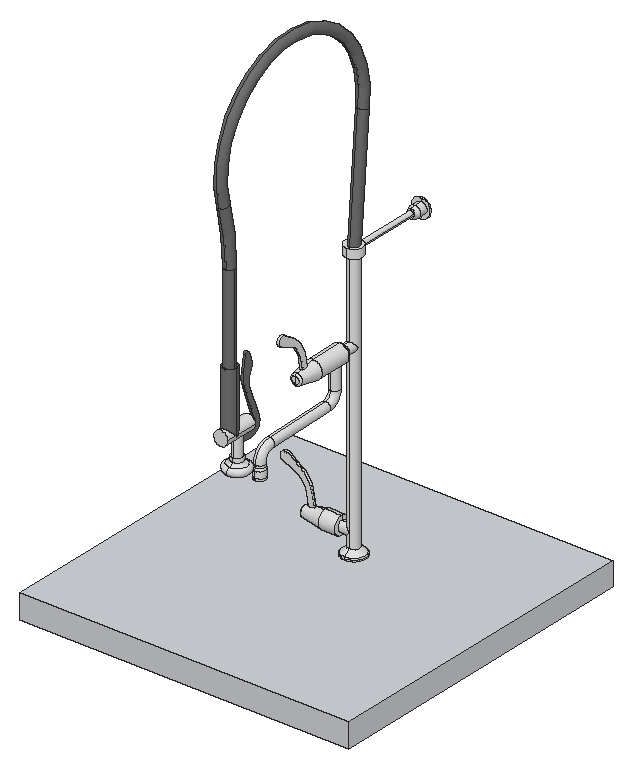
Revit family
Parameters (values of type "TF81HJP")
  WELSRating_ANZRS = ""
  URL = "www.galvinengineering.com.au"
  Type Comments = "Ezy-Wash Pre-Rinse"
  StyleOrType_ANZRS = "Plumbing Fixture"
  PlumbingMaterial_ANZRS = Metal_Taps_DR-Brass-with-Chrome-Finish_10800
  Outlet = "1000mm long high pressure hose with swivel ends"
  ModifiedIssue_ANZRS = 20120721.01  # constant formula
  Model = "TF81HJP"
  Manufacturer = "Galvin Engineering"
  Keynote = "15400"
  Instructions = "http://www.galvinengineering.com.au/Installation_Guides_1.aspx"
  Inlet = "15mm BSP Male"
  FlowRate = 0.000 L/s
  FlexibleHoseMaterial = Rubber_Taps_Black-with-Spring_10800
  FilterObject_ANZRS = "Ezy-Wash"
  DimInletRadius = 7.5 mm  # constant formula
  DimHeight = 1070 mm  # constant formula
  DimAdjustableLength [instance] = 180 mm
  Description = "Hob Mounted Pre-rinse Single Control Lever Unit Type 81H"
  Default Elevation = 900 mm
  CreatedBy_ANZRS = "Galvin Engineering"
  CreatedByURL_ANZRS = "www.galvinengineering.com.au"
  CreatedByPhoneNo_ANZRS = "61-8-92495900"
  Assembly Code = "D2010"
Reference planes
  plane 1 "Back": y = 0
  plane 2 "Face": z = 0
  plane 3 "Center (Left/Right)": x = 0
  plane 4 "Top": z = 1070
  plane 5 "CutLength": y = 180
  plane 6: y = 152.411
  plane 7 "Outlet1": z = 255
  plane 8 "Outlet2": z = 295
  plane 9 "Depth1": y = -250.131
  plane 10 "Front": y = -310.475
  plane 11: x = -155
  plane 12: z = 145.212
  plane 13: z = 44.94
Forms (mm)
  Extrusion 1, solid
    sketch origin (0, -719.2, 0) x (1, 0, 0) y (0, 1, 0)
      loop
        line (-350, 969.2) -> (-350, 269.2) -> (350, 269.2) -> (350, 969.2) -> (-350, 969.2)
    from 0 to -50
  Revolve 2, solid, material "Metal_Taps_DR-Brass-with-Chrome-Finish_10800" <- "PlumbingMaterial_ANZRS"
    sketch origin (0, 0, 0) x (0, 1, 0) y (0, 0, 1)
      loop
        line (0, 590.382) -> (-19, 590.382) -> (-19, 572.382) -> (-11.1, 572.382) -> (-11.1, 14.3) -> (-12.2, 14.3) -> (-24.082, 4.295)
        arc (-24.082, 4.295) -> (-24.87, 3.266) -> (-25.15, 2) r 3
        line (-25.15, 2) -> (-25.15, 0) -> (0, 0) -> (0, 590.382)
      axis (0, 590.382) -> (0, 0)
    angle from 0 to 360
  Revolve 3, solid, material "Metal_Taps_DR-Brass-with-Chrome-Finish_10800" <- "PlumbingMaterial_ANZRS"
    sketch origin (0, -140, 300) x (0, 0, 1) y (0, -1, 0)
      loop
        line (-21.167, 110.475) -> (-21.167, 120.475) -> (-26.583, 122.458) -> (-40.125, 122.458) -> (-45, 121.808) -> (-45, 110.475) -> (-21.167, 110.475)
      axis (-21.167, 110.475) -> (-45, 110.475)
    angle from 0 to 360
  Revolve 4, solid, material "Metal_Taps_DR-Brass-with-Chrome-Finish_10800" <- "PlumbingMaterial_ANZRS"
    sketch origin (0, 76, 65) x (0, 0, 1) y (0, -1, 0)
      loop
        line (314.95, 184.332) -> (314.95, 113.142) -> (323.337, 102.201) -> (323.337, 76) -> (334, 76) -> (334, 231.373)
        arc (334, 231.373) -> (329.884, 231.232) -> (325.796, 230.735) r 47.48
        arc (325.796, 230.735) -> (323.654, 229.631) -> (322.538, 227.495) r 3.99
        line (322.538, 227.495) -> (314.95, 184.332)
      axis (334, 231.373) -> (334, 76)
    angle from 0 to 360
  Extrusion 5, solid, material "Metal_Taps_DR-Brass-with-Chrome-Finish_10800" <- "PlumbingMaterial_ANZRS"
    sketch origin (0, 66, 65) x (0, 0, 1) y (0, -1, 0)
      loop
        arc (405.482, 238.054) -> (391.839, 220.276) -> (371.613, 210.628) r 48
        line (371.613, 210.628) -> (337.488, 203.375) -> (339.435, 192.543) -> (379.064, 200.966)
        arc (379.064, 200.966) -> (400.215, 210.054) -> (416.278, 226.543) r 59
        line (416.278, 226.543) -> (432.699, 251.829)
        arc (432.699, 251.829) -> (429.833, 265.317) -> (416.345, 262.45) r 9.75
        line (416.345, 262.45) -> (405.482, 238.054)
    from -2.5 to 2.5
  Sweep 6, solid, material "Metal_Taps_DR-Brass-with-Chrome-Finish_10800" <- "PlumbingMaterial_ANZRS"
    path origin (0, 76, 65) x (0, 0, 1) y (0, -1, 0)
      loop
        line (213.833, 326.475) -> (218.713, 326.475)
        arc (218.713, 326.475) -> (237.45, 318.81) -> (245.44, 300.209) r 26.731
        line (245.44, 300.209) -> (248.035, 151.369)
        arc (248.035, 151.369) -> (255.672, 133.591) -> (273.581, 126.264) r 25.55
        line (273.581, 126.264) -> (328.581, 126.264)
    profile origin (0, -50.264, 366.081) x (0, -1, 0) y (1, 0, 0)
      loop
        circle (0, 0) r 10
  Revolve 7, solid, material "Metal_Taps_DR-Brass-with-Chrome-Finish_10800" <- "PlumbingMaterial_ANZRS"
    sketch origin (0, 182.495, 48.85) x (0, 0, 1) y (0, -1, 0)
      loop
        line (532.575, 30.084) -> (523.865, 30.084) -> (520.575, 21.522) -> (520.575, 4.495) -> (512.575, 4.495) -> (512.575, 2.495) -> (532.575, 2.495) -> (532.575, 30.084)
      axis (532.575, 30.084) -> (532.575, 2.495)
    angle from 0 to 360
  Revolve 8, solid, material "Metal_Taps_DR-Brass-with-Chrome-Finish_10800" <- "PlumbingMaterial_ANZRS"
    sketch origin (0, 76, -151.022) x (0, 0, 1) y (0, -1, 0)
      loop
        line (475.022, 398.475) -> (468.022, 398.475)
        arc (468.022, 398.475) -> (462.365, 400.818) -> (460.022, 406.475) r 8
        arc (460.022, 406.475) -> (453.022, 413.475) -> (446.022, 406.475) r 7
        line (446.022, 406.475) -> (446.022, 386.475) -> (526.522, 386.475) -> (526.522, 395.725) -> (475.022, 395.725) -> (475.022, 398.475)
      axis (526.522, 386.475) -> (446.022, 386.475)
    angle from 0 to 360
  Extrusion 9, solid, material "Metal_Taps_DR-Brass-with-Chrome-Finish_10800" <- "PlumbingMaterial_ANZRS"
    sketch origin (0, 320.428, 441.926) x (1, 0, 0) y (0, 0, 1)
      loop
        circle (0, -66.426) r 15
    from 601.678 to 673.678
  Extrusion 10, solid, material "Metal_Taps_DR-Brass-with-Chrome-Finish_10800" <- "PlumbingMaterial_ANZRS"
    sketch origin (0, -573.749, 515.38) x (1, 0, 0) y (0, 0, -1)
      loop
        circle (0, -66.426) r 5
    from 573.749 to 726.16
  Revolve 11, solid, material "Metal_Taps_DR-Brass-with-Chrome-Finish_10800" <- "PlumbingMaterial_ANZRS"
    sketch origin (123.764, 0.75, -289.06) x (0, 0, 1) y (1, 0, 0)
      loop
        line (314.95, -184.332) -> (322.538, -227.495)
        arc (322.538, -227.495) -> (323.654, -229.631) -> (325.796, -230.735) r 3.99
        arc (325.796, -230.735) -> (329.884, -231.232) -> (334, -231.373) r 47.48
        line (334, -231.373) -> (334, -123.764) -> (323, -123.764) -> (323, -150.332) -> (314.95, -150.332) -> (314.95, -184.332)
      axis (334, -231.373) -> (334, -123.764)
    angle from 0 to 360
  Extrusion 12, solid, material "Metal_Taps_DR-Brass-with-Chrome-Finish_10800" <- "PlumbingMaterial_ANZRS"
    sketch origin (111.889, 0.75, -289.06) x (0, 0, 1) y (1, 0, 0)
      loop
        line (405.482, -238.054) -> (416.345, -262.45)
        arc (416.345, -262.45) -> (429.833, -265.317) -> (432.699, -251.829) r 9.75
        line (432.699, -251.829) -> (416.278, -226.543)
        arc (416.278, -226.543) -> (400.215, -210.054) -> (379.064, -200.966) r 59
        line (379.064, -200.966) -> (339.435, -192.543) -> (337.488, -203.375) -> (371.613, -210.628)
        arc (371.613, -210.628) -> (391.839, -220.276) -> (405.482, -238.054) r 48
    from -2.5 to 2.5
  Extrusion 13, solid, material "Rubber_Taps_Black_10800"
    sketch origin (0, 76.937, -152.522) x (0, 0, 1) y (0, -1, 0)
      loop
        arc (627.956, 372.705) -> (613.482, 373.415) -> (599.326, 370.32) r 55
        line (599.326, 370.32) -> (532.028, 345.957)
        arc (532.028, 345.957) -> (518.289, 346.32) -> (511.522, 358.283) r 13.957
        line (511.522, 358.283) -> (511.522, 378.095) -> (491.645, 378.095)
        arc (491.645, 378.095) -> (497.617, 375.265) -> (498.15, 368.678) r 6.607
        arc (498.15, 368.678) -> (502.572, 340.003) -> (530.803, 333.309) r 25.979
        line (530.803, 333.309) -> (598.627, 358.859)
        arc (598.627, 358.859) -> (609.29, 360.397) -> (619.611, 357.306) r 25
        arc (619.611, 357.306) -> (641.346, 352.239) -> (662.465, 359.455) r 40.5
        arc (662.465, 359.455) -> (664.088, 363.585) -> (660.899, 366.672) r 4
        line (660.899, 366.672) -> (627.956, 372.705)
    from -2.5 to 2.5
  Extrusion 14, solid, material "Rubber_Taps_Black_10800"
    sketch origin (0, 0, -41.5) x (1, 0, 0) y (0, 1, 0)
      loop
        circle (0, -330.783) r 15
    from 415.5 to 545.7
  Extrusion 15, solid, material "Rubber_Taps_Black_10800"
    sketch origin (0, 0, -41.5) x (1, 0, 0) y (0, 1, 0)
      loop
        circle (0, -330.783) r 11.1
    from 544.2 to 734.335
  Sweep 16, solid, material "Rubber_Taps_Black-with-Spring_10800" <- "FlexibleHoseMaterial"
    path origin (0, 76, 34.5) x (0, 0, 1) y (0, -1, 0)
      loop
        arc (658.335, 406.783) -> (721.983, 411.136) -> (784.446, 424.115) r 467.457
        arc (784.446, 424.115) -> (1025.004, 253.639) -> (808.411, 53.595) r 189.76
        arc (808.411, 53.595) -> (682.463, 68.106) -> (555.882, 75.219) r 2165
    profile origin (0, -177.639, 1059.504) x (0, -0.064543, 0.997915) y (1, 0, 0)
      loop
        circle (0, 0) r 11.1
Cuts and joins
  joined: Revolve 2, Revolve 4, Extrusion 5, Sweep 6, Extrusion 10, Revolve 11, Extrusion 12
  joined: Revolve 8, Extrusion 9
Dimensions and locks
  "DimHeight": plane 4 "Top" to plane 2 "Face"
  "DimAdjustableLength": plane 5 "CutLength" to plane 1 "Back"
  locked: plane 5 "CutLength" to plane 6 at 27.589
  locked: plane 1 "Back" to plane 9 "Depth1" at 250.131
  locked: plane 1 "Back" to plane 10 "Front" at 310.475
  locked: plane 2 "Face" to plane 7 "Outlet1" at 255
  locked: plane 8 "Outlet2" to plane 2 "Face" at 295
  locked: plane 3 "Center (Left/Right)" to plane 11 at 155
  locked: plane 12 to plane 13 at 100.272
  aligned and locked: plane 2 "Face" to Extrusion 1
  aligned and locked: level to Extrusion 1
  aligned and locked: plane 5 "CutLength" to Revolve 7
  aligned and locked: Extrusion 10 to plane 6
  aligned and locked: Revolve 7 to plane 6
  aligned and locked: plane 1 "Back" to Extrusion 10
  aligned and locked: Revolve 11 to plane 3 "Center (Left/Right)"
Automatic sketch dimensions
  Extrusion 1 sketch curve to Extrusion 1 sketch curve = 700 mm  (x2)
  plane 7 "Outlet1" to Revolve 3 sketch curve = 0 mm
  Revolve 3 sketch curve to plane 9 "Depth1" = 0.344 mm  (x2)
  plane 7 "Outlet1" to Revolve 3 sketch curve = 8.083 mm
  Revolve 3 sketch curve to plane 7 "Outlet1" = 4.875 mm
  Revolve 3 sketch curve to Revolve 3 sketch curve = 11.917 mm  (x2)
  Revolve 3 sketch curve to Revolve 3 sketch curve = 13.542 mm
  Revolve 3 sketch curve to Revolve 3 sketch curve = 10 mm
  Revolve 3 sketch curve to Revolve 3 sketch curve = 11.333 mm
  Revolve 3 sketch curve to Revolve 3 sketch curve = 0.65 mm
  Revolve 4 sketch curve to plane 1 "Back" = 0 mm
  plane 1 "Back" to Revolve 4 sketch curve = 37.142 mm
  Revolve 4 sketch curve to plane 8 "Outlet2" = 84.95 mm
  Revolve 4 sketch curve to Revolve 4 sketch curve = 7.588 mm
  Revolve 4 sketch curve to Revolve 4 sketch curve = 8.388 mm
  Revolve 4 sketch curve to Revolve 4 sketch curve = 3.257 mm
  Revolve 4 sketch curve to Revolve 4 sketch curve = 0.672 mm
  Revolve 4 sketch curve to Revolve 4 sketch curve = 18.614 mm
  Revolve 4 sketch curve to Revolve 4 sketch curve = 10.662 mm
  Revolve 4 sketch curve to Revolve 4 sketch curve = 0.436 mm
  Revolve 4 sketch curve to Revolve 4 sketch curve = 37.252 mm
  Revolve 4 sketch curve to Revolve 4 sketch curve = 10.94 mm
  Revolve 4 sketch curve to Revolve 4 sketch curve = 35.606 mm
  Revolve 4 sketch curve to Revolve 4 sketch curve = 35.147 mm
  Revolve 4 sketch curve to Revolve 4 sketch curve = 0.437 mm
  Revolve 4 sketch curve to Revolve 4 sketch curve = 42.907 mm
  Revolve 4 sketch curve to Revolve 4 sketch curve = 0.693 mm
  Extrusion 5 sketch curve to plane 8 "Outlet2" = 107.488 mm
  Extrusion 5 sketch curve to Extrusion 5 sketch curve = 1.947 mm
  Extrusion 5 sketch curve to Extrusion 5 sketch curve = 24.145 mm
  Extrusion 5 sketch curve to Extrusion 5 sketch curve = 5.164 mm
  Extrusion 5 sketch curve to Extrusion 5 sketch curve = 34.125 mm
  Extrusion 5 sketch curve to Extrusion 5 sketch curve = 7.451 mm
  plane 9 "Depth1" to Extrusion 5 sketch curve = 78.078 mm
  Extrusion 5 sketch curve to Extrusion 5 sketch curve = 33.869 mm
  Extrusion 5 sketch curve to Extrusion 5 sketch curve = 10.796 mm
  plane 9 "Depth1" to Extrusion 5 sketch curve = 53.682 mm
  Extrusion 5 sketch curve to Extrusion 5 sketch curve = 10.863 mm
  Extrusion 5 sketch curve to Extrusion 5 sketch curve = 8.177 mm  (x2)
  plane 9 "Depth1" to Extrusion 5 sketch curve = 64.302 mm
  Extrusion 5 sketch curve to Extrusion 5 sketch curve = 11.511 mm
  Extrusion 5 sketch curve to Extrusion 5 sketch curve = 27.426 mm
  Extrusion 5 sketch curve to Extrusion 5 sketch curve = 7.253 mm
  Extrusion 5 sketch curve to Extrusion 5 sketch curve = 9.662 mm
  Extrusion 5 sketch curve to Extrusion 5 sketch curve = 10.832 mm
  Sweep 6 sketch curve to plane 9 "Depth1" = 0.344 mm
  plane 8 "Outlet2" to Sweep 6 sketch curve = 16.167 mm
  plane 8 "Outlet2" to Sweep 6 sketch curve = 11.287 mm
  Sweep 6 sketch curve to plane 8 "Outlet2" = 15.44 mm
  Sweep 6 sketch curve to plane 8 "Outlet2" = 18.035 mm
  Sweep 6 sketch curve to Sweep 6 sketch curve = 25.546 mm
  Sweep 6 sketch curve to Sweep 6 sketch curve = 55 mm
  plane 9 "Depth1" to Sweep 6 sketch curve = 25.922 mm
  plane 1 "Back" to Sweep 6 sketch curve = 75.814 mm
  Sweep 6 sketch curve to Sweep 6 sketch curve = 0.445 mm
  Sweep 6 sketch curve to profile plane = 0 mm  (x2)
  Revolve 7 sketch curve to plane 5 "CutLength" = 0 mm
  Revolve 7 sketch curve to plane 6 = 0 mm
  Revolve 7 sketch curve to plane 8 "Outlet2" = 266.425 mm
  Revolve 7 sketch curve to plane 5 "CutLength" = 2 mm
  Revolve 7 sketch curve to Revolve 7 sketch curve = 8 mm
  Revolve 7 sketch curve to Revolve 7 sketch curve = 3.29 mm
  Revolve 7 sketch curve to Revolve 7 sketch curve = 8.71 mm
  Revolve 7 sketch curve to Revolve 7 sketch curve = 0 mm
  Revolve 7 sketch curve to Revolve 7 sketch curve = 8.344 mm
  Revolve 7 sketch curve to Revolve 7 sketch curve = 12.589 mm
  Revolve 7 sketch curve to plane 6 = 8.562 mm
  Revolve 8 sketch curve to plane 10 "Front" = 0 mm  (x2)
  plane 8 "Outlet2" to Revolve 8 sketch curve = 0 mm
  Revolve 8 sketch curve to Revolve 8 sketch curve = 15 mm
  Revolve 8 sketch curve to Revolve 8 sketch curve = 7 mm  (x2)
  Revolve 8 sketch curve to Revolve 8 sketch curve = 0 mm
  Revolve 8 sketch curve to Revolve 8 sketch curve = 8 mm
  Revolve 8 sketch curve to Revolve 8 sketch curve = 6 mm
  Revolve 8 sketch curve to Revolve 8 sketch curve = 45.5 mm
  plane 10 "Front" to Revolve 8 sketch curve = 9.25 mm
  Revolve 8 sketch curve to Revolve 8 sketch curve = 2.75 mm
  Extrusion 9 sketch curve to plane 3 "Center (Left/Right)" = 0 mm
  Extrusion 9 sketch curve to plane 8 "Outlet2" = 80.5 mm
  plane 3 "Center (Left/Right)" to Extrusion 10 sketch curve = 0 mm
  Extrusion 10 sketch curve to plane 8 "Outlet2" = 286.807 mm
  level to Revolve 11 sketch curve = 25.89 mm
  level to Revolve 11 sketch curve = 33.479 mm
  level to Revolve 11 sketch curve = 33.94 mm
  Revolve 11 sketch curve to Revolve 11 sketch curve = 3.257 mm
  Revolve 11 sketch curve to Revolve 11 sketch curve = 3.929 mm
  level to Revolve 11 sketch curve = 44.504 mm
  Revolve 11 sketch curve to Revolve 11 sketch curve = 11 mm
  level to Revolve 11 sketch curve = 44.94 mm
  Revolve 11 sketch curve to Revolve 11 sketch curve = 0.638 mm
  Revolve 11 sketch curve to Revolve 11 sketch curve = 3.24 mm
  Revolve 11 sketch curve to Revolve 11 sketch curve = 0.437 mm
  Revolve 11 sketch curve to Revolve 11 sketch curve = 35.147 mm
  Revolve 11 sketch curve to Revolve 11 sketch curve = 1.584 mm
  Revolve 11 sketch curve to Revolve 11 sketch curve = 26.567 mm
  Revolve 11 sketch curve to Revolve 11 sketch curve = 85.017 mm
  level to Extrusion 12 sketch curve = 48.428 mm
  level to Extrusion 12 sketch curve = 50.375 mm
  level to Extrusion 12 sketch curve = 72.573 mm
  Extrusion 12 sketch curve to Extrusion 12 sketch curve = 5.164 mm
  level to Extrusion 12 sketch curve = 82.553 mm
  Extrusion 12 sketch curve to Extrusion 12 sketch curve = 7.451 mm
  Extrusion 12 sketch curve to Extrusion 12 sketch curve = 33.869 mm
  Extrusion 12 sketch curve to Extrusion 12 sketch curve = 10.796 mm
  Extrusion 12 sketch curve to Extrusion 12 sketch curve = 10.863 mm
  Extrusion 12 sketch curve to Extrusion 12 sketch curve = 8.177 mm  (x2)
  Extrusion 12 sketch curve to Extrusion 12 sketch curve = 3.773 mm
  Extrusion 12 sketch curve to Extrusion 12 sketch curve = 1.098 mm
  Extrusion 12 sketch curve to Extrusion 12 sketch curve = 5.31 mm
  Extrusion 12 sketch curve to Extrusion 12 sketch curve = 24.396 mm
  Extrusion 12 sketch curve to Extrusion 12 sketch curve = 11.511 mm
  Extrusion 12 sketch curve to Extrusion 12 sketch curve = 7.253 mm
  Extrusion 12 sketch curve to Extrusion 12 sketch curve = 10.832 mm
  Revolve 11 sketch curve to plane 3 "Center (Left/Right)" = 107.608 mm
  Extrusion 12 sketch curve to plane 3 "Center (Left/Right)" = 150.56 mm
  Extrusion 13 sketch curve to plane 10 "Front" = 9.317 mm
  Extrusion 13 sketch curve to plane 8 "Outlet2" = 44.123 mm
  Extrusion 13 sketch curve to Extrusion 13 sketch curve = 0.536 mm
  Extrusion 13 sketch curve to Extrusion 13 sketch curve = 5.969 mm
  Extrusion 13 sketch curve to Extrusion 13 sketch curve = 13.372 mm
  Extrusion 13 sketch curve to Extrusion 13 sketch curve = 10.139 mm
  Extrusion 13 sketch curve to Extrusion 13 sketch curve = 3.819 mm
  Extrusion 13 sketch curve to plane 9 "Depth1" = 6.24 mm
  Extrusion 13 sketch curve to Extrusion 13 sketch curve = 5.324 mm
  Extrusion 13 sketch curve to Extrusion 13 sketch curve = 1.225 mm
  Extrusion 13 sketch curve to plane 10 "Front" = 28.554 mm
  Extrusion 13 sketch curve to Extrusion 13 sketch curve = 66.6 mm
  Extrusion 13 sketch curve to plane 10 "Front" = 17.093 mm
  Extrusion 13 sketch curve to Extrusion 13 sketch curve = 0.699 mm
  Extrusion 13 sketch curve to plane 9 "Depth1" = 8.397 mm
  Extrusion 13 sketch curve to Extrusion 13 sketch curve = 8.819 mm
  plane 9 "Depth1" to Extrusion 13 sketch curve = 8.464 mm
  Extrusion 13 sketch curve to Extrusion 13 sketch curve = 10.602 mm
  Extrusion 13 sketch curve to Extrusion 13 sketch curve = 20.983 mm
  Extrusion 13 sketch curve to Extrusion 13 sketch curve = 0 mm
  Extrusion 13 sketch curve to plane 10 "Front" = 14.708 mm
  plane 10 "Front" to Extrusion 13 sketch curve = 5.276 mm
  Extrusion 13 sketch curve to Extrusion 13 sketch curve = 32.223 mm
  Extrusion 13 sketch curve to plane 10 "Front" = 20.741 mm
  Extrusion 13 sketch curve to Extrusion 13 sketch curve = 0.721 mm
  Extrusion 13 sketch curve to Extrusion 13 sketch curve = 2.286 mm
  Extrusion 13 sketch curve to Extrusion 13 sketch curve = 12.648 mm
  Extrusion 13 sketch curve to Extrusion 13 sketch curve = 0.657 mm
  Extrusion 14 sketch curve to plane 3 "Center (Left/Right)" = 0 mm
  plane 10 "Front" to Extrusion 14 sketch curve = 20.308 mm
  Extrusion 15 sketch curve to plane 3 "Center (Left/Right)" = 0 mm
  plane 10 "Front" to Extrusion 15 sketch curve = 20.308 mm
  Revolve 2 sketch curve to level = 0 mm
  Revolve 2 sketch curve to plane 1 "Back" = 0 mm  (x2)
  plane 1 "Back" to Revolve 2 sketch curve = 11.1 mm
  plane 1 "Back" to Revolve 2 sketch curve = 12.2 mm
  plane 1 "Back" to Revolve 2 sketch curve = 19 mm
  level to Revolve 2 sketch curve = 2 mm
  Revolve 2 sketch curve to Revolve 2 sketch curve = 9.95 mm
  Revolve 2 sketch curve to Revolve 2 sketch curve = 1.932 mm
  Revolve 2 sketch curve to Revolve 2 sketch curve = 3 mm
  Revolve 2 sketch curve to level = 20 mm
  Revolve 2 sketch curve to Revolve 2 sketch curve = 2 mm
  level to Revolve 2 sketch curve = 14.3 mm
  Revolve 2 sketch curve to plane 8 "Outlet2" = 277.382 mm
  Revolve 2 sketch curve to Revolve 2 sketch curve = 18 mm
  Sweep 16 sketch curve to plane 8 "Outlet2" = 237.248 mm
  Sweep 16 sketch curve to plane 1 "Back" = 0.781 mm
  Sweep 16 sketch curve to plane 8 "Outlet2" = 295.382 mm
  plane 10 "Front" to Sweep 16 sketch curve = 20.308 mm
  Sweep 16 sketch curve to Sweep 16 sketch curve = 102.453 mm
  plane 10 "Front" to Sweep 16 sketch curve = 37.64 mm
  Sweep 16 sketch curve to Sweep 16 sketch curve = 126.111 mm
  Sweep 16 sketch curve to Sweep 16 sketch curve = 0 mm
  Sweep 16 sketch curve to plane 1 "Back" = 22.405 mm
  Sweep 16 sketch curve to Sweep 16 sketch curve = 252.529 mm
  Sweep 16 sketch curve to profile plane = 0 mm  (x2)
  radius of Sweep 6 sketch curve = 10 mm
  radius of Extrusion 9 sketch curve = 15 mm
  radius of Extrusion 10 sketch curve = 5 mm
  radius of Extrusion 14 sketch curve = 15 mm
  radius of Extrusion 15 sketch curve = 11.1 mm
  radius of Sweep 16 sketch curve = 11.1 mm
Connectors
  piping at (0, 0, 0), driven by "FlowRate", driven by "DimInletRadius"
    settings: on Revolve 2, index 1, connector radius 0.29528", flow factor 0, pipe flow 0.000 L/s, pressure drop 0.00 psi, fitting loss kfactor 0, connector angle 0.00°, fixture units 0, flow configuration 1, flow direction 1, fitting loss method 4, system type 20, connector reference index -1, connector utility 0, adjustable connector no, is connector primary yes, fitting loss table "", connector description "Inlet"
